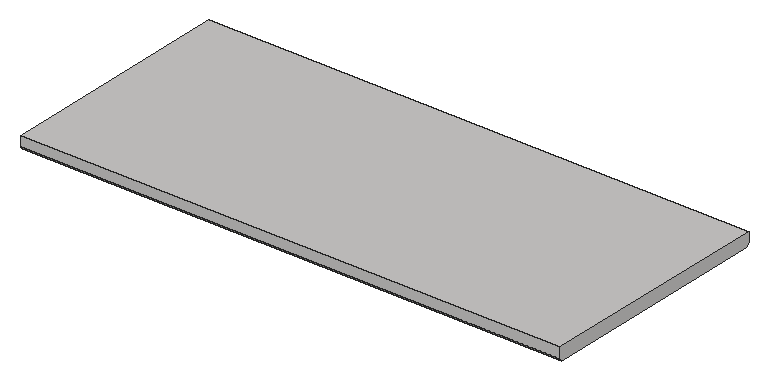
Revit family "QF_ELECTROLUXPROFESSIONAL_121120_TPLA16", category Attrezzature speciali, Revit 2020
Family settings
  Quota connettore circolare = Usa diametro
  Tipo di parte = Normale
  Basato su piano di lavoro = No
  Sempre verticale = Sì
  Taglio con vuoti quando caricato = No
  Condiviso = No
  Punto di calcolo locali = No
Parameters (values of type "Standard")
  Weight = 52.00 kg
  Watts = 0 W
  Volts = 0 V
  URL Manufacturer = "https://www.electroluxprofessional.com/"
  URL = "https://www.electroluxprofessional.com/"
  Steam Supply Size = 0 mm
  Steam Supply Minimum Pressure = 0.0 Pa
  Steam Supply Maximum Pressure = 0.0 Pa
  Steam Consumption per Hour = 0
  Refrigeration Suction Line Size = 0.0 mm
  Refrigeration Liquid Line Size = 0.0 mm
  Refrigerant Compressor Remote = yes
  Prospetto di default = 0.0 mm
  Phase = 0
  Modello = "TPLA16"
  Produttore = "Electrolux Professional"
  Length Actual = 1600.0 mm  # constant formula
  Item Number = "121120"
  Hot Water Size = 0 mm
  Height Actual = 40.0 mm  # constant formula
  HP = "0 HP"
  Gas Size = 0 mm
  Gas KW = 0
  Gas Input Pressure = 0 W
  Direct Waste Size = 0 mm
  Descrizione = "WORK TOP 1600MM"
  Depth Actual = 700.0 mm  # constant formula
  Cycle = 0 Hz
  Condensate Return Size = 0 mm
  Compressed Air Volume = 0.0 L/s
  Compressed Air Size = 0 mm
  Compressed Air Pressure = 0.0 Pa
  Cold Water Size = 0 mm
  Accessory = yes
Reference planes
  plane 1 "Center (Front/Back)": y = 0
  plane 2: z = 0
  plane 3 "Center (Left/Right)": x = -300
  plane 4 "LEFT": x = -1100
  plane 5 "RIGHT": x = 500
  plane 6 "BACK": y = 350
  plane 7 "FRONT": y = -350
  plane 8 "TOP": z = 860
  plane 9 "BaseTop": z = 900
Forms (mm)
  Extrusion 1, solid, material "QF_Finishes_Stainless Steel"
    sketch origin (-300, 0, 0) x (0, 1, 0) y (0, 0, 1)
      loop
        line (-350, 900) -> (-350, 870) -> (-340, 860) -> (340, 860) -> (350, 870) -> (350, 900) -> (-350, 900)
    from 800 to -800
Lines and regions (mm)
  symbolic lines
    curve 1: line (500, 350, 860) -> (-1100, 350, 860)
    curve 2: line (-1100, 350, 860) -> (-1100, -350, 860)
    curve 3: line (-1100, -350, 860) -> (500, -350, 860)
    curve 4: line (500, -350, 860) -> (500, 350, 860)
Dimensions and locks
  plane 4 "LEFT" to plane 5 "RIGHT" = 1600.0 mm
  equal spacing: plane 4 "LEFT", plane 3 "Center (Left/Right)", plane 5 "RIGHT"
  plane 6 "BACK" to plane 7 "FRONT" = 700.0 mm
  equal spacing: plane 6 "BACK", plane 1 "Center (Front/Back)", plane 7 "FRONT"
  locked: plane 9 "BaseTop" to plane 8 "TOP" at 40
  plane 8 "TOP" to level = 860.0 mm
  aligned and locked: level to plane 2
  aligned and locked: Extrusion 1 to plane 4 "LEFT"
  aligned and locked: plane 5 "RIGHT" to Extrusion 1
  aligned and locked: curve 2 to plane 4 "LEFT"
  aligned and locked: plane 9 "BaseTop" to Extrusion 1 sketch curve
Automatic sketch dimensions
  curve 3 to plane 7 "FRONT" = 0.0 mm
  curve 4 to plane 6 "BACK" = 0.0 mm
  curve 4 to plane 5 "RIGHT" = 0.0 mm
  Extrusion 1 sketch curve to plane 7 "FRONT" = 0.0 mm
  level to Extrusion 1 sketch curve = 860.0 mm
  Extrusion 1 sketch curve to plane 6 "BACK" = 0.0 mm
  plane 7 "FRONT" to Extrusion 1 sketch curve = 10.0 mm
  level to Extrusion 1 sketch curve = 870.0 mm  (x2)
  Extrusion 1 sketch curve to plane 6 "BACK" = 10.0 mm
